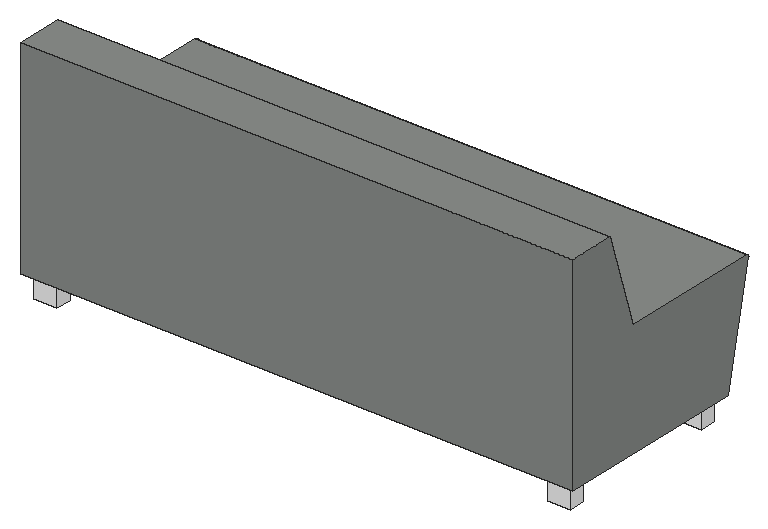
Revit family "Modern_Modular_Sofa_10376", category Мебель, Revit 2017
Family settings
  На основе рабочей плоскости = Нет
  Всегда вертикально = Да
  При загрузке вырезать с полостями = Нет
  Общий = Нет
  Точка расчета площади = Нет
Parameters (values of type "Couch")
  Upholstery [instance] = Upholstery - Leather
  Length = 6' - 0"
  Foot DistB Neg [instance] = Foot DistB + 0' 3"  # -2' - 8"
  Foot DistB [instance] = -Dist + 0' 1"  # -2' - 11"
  Foot Dist Neg [instance] = Foot Dist - 0' 3"  # 2' - 8"
  Foot Dist [instance] = Dist - 0' 1"  # 2' - 11"
  Feet [instance] = Chrome - Polished
  Dist Neg [instance] = -Length / 2  # -3' - 0"
  Dist [instance] = Length / 2  # 3' - 0"
  Assembly Code = ""
Types (2): name
  Couch
  Curved_Couch
Reference planes (in)
  plane 1 "Center F/B": y = 0
  plane 2: z = 0
  plane 3 "Center L/R": x = 0
  plane 4: z = 3
Forms (in)
  Extrusion 1, solid, material "Upholstery - Leather" <- "Upholstery"
    sketch origin (0, 0, 0) x (0, 1, 0) y (0, 0, 1)
      loop
        arc (16.04067, 17.68682) -> (15.99172, 17.90348) -> (15.79167, 18) r 0.25558
        line (15.79167, 18) -> (-2.70833, 18) -> (-6.60736, 30) -> (-12.64323, 30) -> (-12.64323, 3) -> (12.64323, 3) -> (16.04067, 17.68682)
    from -36 <- "Dist Neg" to 36 <- "Dist"
  Extrusion 2, solid, material "Chrome - Polished" <- "Feet"
    sketch origin (0, 0, 0) x (0, 1, 0) y (0, 0, 1)
      loop
        line (-11.64323, 3) -> (-11.64323, 0) -> (-9.64323, 0) -> (-9.64323, 3) -> (-11.64323, 3)
      loop
        line (11.64323, 3) -> (9.64323, 3) -> (9.64323, 0) -> (11.64323, 0) -> (11.64323, 3)
    from 35 <- "Foot Dist" to 32 <- "Foot Dist Neg"
  Extrusion 3, solid, material "Chrome - Polished" <- "Feet"
    sketch origin (0, 0, -7) x (0, 1, 0) y (0, 0, 1)
      loop
        line (-11.64323, 10) -> (-11.64323, 7) -> (-9.64323, 7) -> (-9.64323, 10) -> (-11.64323, 10)
      loop
        line (11.64323, 10) -> (9.64323, 10) -> (9.64323, 7) -> (11.64323, 7) -> (11.64323, 10)
    from -35 <- "Foot DistB" to -32 <- "Foot DistB Neg"
Dimensions and locks (in)
  plane 4 to level = 0' - 3"
